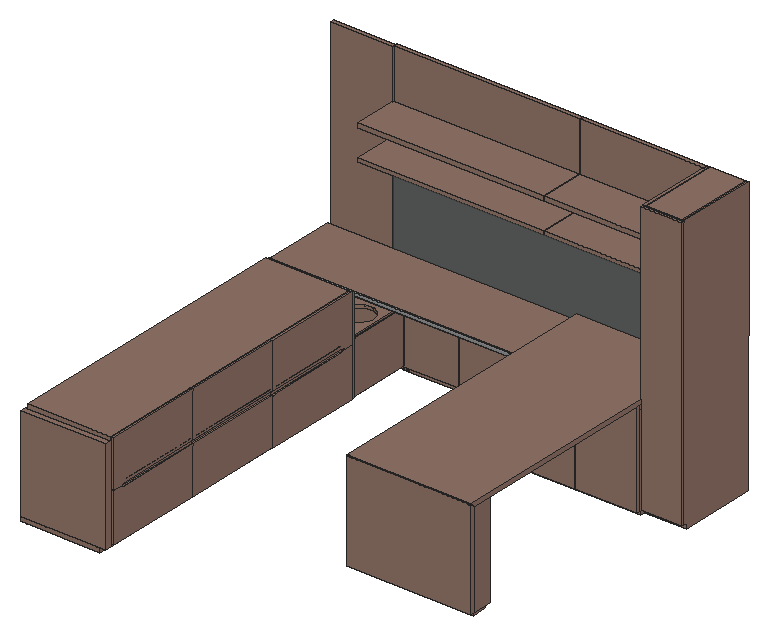
Revit family "T100042", category Furniture, Revit 2022
Family settings
  OmniClass Number = 23.40.20.00
  OmniClass Title = General Furniture and Specialties
  Work Plane-Based = No
  Always vertical = Yes
  Cut with Voids When Loaded = No
  Render Appearance Source = Family Geometry
  Shared = No
  Room Calculation Point = No
Parameters (values of type "T100347")
  URL = "https://ofs.com/"
  Model = "T100347"
  Manufacturer = "OFS"
  Description = "OFS TYPICAL T100347"
  Default Elevation = 0.00"
  Copyright © = "©OFS 2021"
  Catalog = "https://ofs.com/2020-experience"
  Authoring Version = "Autodesk Revit Architecture 2015"
  Assembly Code = "E2020400"
Reference planes (in)
  plane 1 "Center Front/Back": y = 0
  plane 2: z = 0
  plane 3 "Center Left/Right": x = 0
Dimensions and locks (in)
  aligned and locked: level to plane 2
Nested families (in)
  nested 1: "OFS_Slate Private Office_Credenzas" at (-90.03125, -88.04553, 0) x (0, 1, 0) z (0, 0, 1), type "90"W Overlay Lateral File"
    with Top OFS BRANDS Dark Wood, Panel OFS BRANDS Dark Wood, Glides OFS BRANDS Black Plastic, Drawers OFS BRANDS Dark Wood, Case OFS BRANDS Dark Wood, Base OFS BRANDS Dark Wood, Width 90.00", Type 4
  nested 2: "OFS_Slate Private Office_Storage_Cabinet_Wardrobe" at (17.90625, 25.94343, 0), type "24.75D Left - 12"W x 81"H"
    with Top OFS BRANDS Dark Wood, Right no, Left yes, Glides OFS BRANDS Black Plastic, Door OFS BRANDS Dark Wood, Case OFS BRANDS Dark Wood, Base OFS BRANDS Dark Wood, Height 81.00", Depth 24.00"
  nested 3: "OFS SLATE STORAGE MODULAR CABINET TOPS - Wire Drop Back" at (-6.03125, 1.95447, 0) x (-1, 0, 0) z (0, 0, 1), type "Workwall Modular Cabinet Top w Wire Drop on the Back 72W SG"
    with Top Cabinet OFS SLATE Dark Wood, Height from Floor 29.25"
  nested 4: "OFS SLATE OVERLAY HEIGHT ADJUSTABLE WORKTABLES Right - Workwall" at (5.96875, -17.29553, 0) x (0, -1, 0) z (0, 0, 1), type "WORKWALL OVERLAY HEIGHT ADJUSTABLE WORKTABLE 84W x 36D Right"
    with Glides OFS SLATE Black Plastic, Front Panel Finish OFS SLATE Dark Wood, Chasis OFS SLATE Dark Wood
  nested 5: "OFS SLATE WALLMOUNT PANEL GLASS 2H" at (-27.03125, 13.54822, 0), type "WALLMOUNT PANEL GLASS BOARD 2H 90""
    with Glass OFS SLATE Glass, Back Panel OFS SLATE Black Plastic
  nested 6: "OFS SLATE MODULAR ACCESS KNEESPACE SUPPORT CORNER CABINES Left" at (-65.34375, 30.79823, 0), type "MODULAR ACCESS KNEESPACE SUPPORT CORNER CABINET 72W Left"
    with Trash yes, Tech no, Surface OFS SLATE Dark Wood
  nested 7: "OFS SLATE WALLMOUNT OPEN SHELF ORGANIZER 1.5H" at (-0.03125, 13.95447, 0), type "WALLMOUNT OPEN SHELF ORGANIZER 1.5H 36""
    with Glides OFS SLATE Black Plastic, Front Panel Finish OFS SLATE Dark Wood, Chasis OFS SLATE Dark Wood
  nested 8: "OFS SLATE WALLMOUNT OPEN SHELF ORGANIZER 1.5H" at (-45.03125, 13.95447, 0), type "WALLMOUNT OPEN SHELF ORGANIZER 1.5H 54""
    with Glides OFS SLATE Black Plastic, Front Panel Finish OFS SLATE Dark Wood, Chasis OFS SLATE Dark Wood
  nested 9: "OFS SLATE WALLMOUNT PANEL VENEER 1.5H" at (-81.03125, 13.54822, 0), type "WALLMOUNT PANEL VENEER 3.5H 52""
    with Glides OFS SLATE Black Plastic, Front Panel Finish OFS SLATE Dark Wood, Chasis OFS SLATE Dark Wood, Width 18.00", Height 52.68"
Definition of nested family "OFS_Slate Private Office_Credenzas"
  Parameters (values of type "OFS_Slate Private Office_Credenzas")
    Width = 30.00"
    URL = "http://www.ofsbrands.com/"
    Type = 2
    Top [instance] = none
    Panel [instance] = none
    Model = "Type Catalog"
    Manufacturer = "OFS BRANDS"  # constant formula
    Glides [instance] = none
    Drawers [instance] = none
    Description = "Type Catalog"
    Default Elevation = 0.00"
    Copyright © = "© 2016 OFS BRANDS"  # constant formula
    Catalog = "OFS"  # constant formula
    Case [instance] = none
    Base [instance] = none
    Authoring Version = "Autodesk Revit Architecture 2014"  # constant formula
    Assembly Code = "E2020200"
  Reference planes (in)
    plane 1 "Center (Front/Back)": y = 0
    plane 2: z = 0
    plane 3 "Center (Left/Right)": x = 0
    plane 4: x = 30
    plane 5: y = -24.83728
    plane 6: x = 15
  Dimensions and locks (in)
    "Width": plane 3 "Center (Left/Right)" to plane 4
    equal spacing: plane 3 "Center (Left/Right)", plane 6, plane 4
    aligned and locked: level to plane 2
    aligned and locked: plane 6 to nested 1
    aligned and locked: nested 1 to plane 5
  Nested families (in)
    nested 1: "Tag" at (15, -24.83728, 0), type "Center", detail levels fine
      with Offset (LR) 0.00", Distance of Center (not Change) 0.12"
    nested 2: "OFS_Slate Private Office_Credenzas_Double Pedestal" at (0, 0, 0), Top <- "Top", Panel <- "Panel", Glides <- "Glides", Drawers <- "Drawers", Case <- "Case", Base <- "Base", Width <- "Width", Type <- "Type", type "OFS_Slate Private Office_Credenzas_Double Pedestal"
      with Width 1 60.00", Width 30.00", Type 2, Top none, Panel none, Glides none, Drawers none, Double Pedestal no, Case none, Base none
    nested 3: "OFS_Slate Private Office_Credenzas_Lateral File Cabinet" at (0, 0, 0), Top <- "Top", Glides <- "Glides", Drawers <- "Drawers", Case <- "Case", Base <- "Base", Width <- "Width", type "OFS_Slate Private Office_Credenzas_Lateral File Cabinet"
      with Width 1 66.00", Width 30.00", Top none, Length 28.755", Glides none, Drawers none, Case none, Base none, Type 2, Lateral File/Cabinet no
    nested 4: "OFS_Slate Private Office_Credenzas_Lateral File" at (0, 0, 0), Top <- "Top", Glides <- "Glides", Drawers <- "Drawers", Case <- "Case", Base <- "Base", Width <- "Width", type "OFS_Slate Private Office_Credenzas_Lateral File"
      with Width 30.00", Top none, Length 3 33.00", Length 2 22.692", Length 1 0.00", Glides none, Drawers none, Case none, Base none
    nested 5: "OFS_Slate Private Office_Credenzas_Overlay Lateral File Doors" at (0, 0, 0), Top <- "Top", Panel <- "Panel", Glides <- "Glides", Drawers <- "Drawers", Case <- "Case", Base <- "Base", Width <- "Width", type "OFS_Slate Private Office_Credenzas_Overlay Lateral File Doors"
      with Width 1 60.00", Width 30.00", Top none, Panel none, Length 2 17.875", Length 1 27.005", Lateral Drawers no, Glides none, Drawers none, Case none, Base none, 4 Drawers no, 2 Drawers no, Type 2, Overlay Lateral File no
    nested 6: "OFS_Slate Private Office_Credenzas_Overlay Lateral File" at (0, 0, 0), Top <- "Top", Panel <- "Panel", Glides <- "Glides", Drawers <- "Drawers", Case <- "Case", Base <- "Base", Width <- "Width", type "OFS_Slate Private Office_Credenzas_Overlay Lateral File"
      with Width 30.00", Top none, Panel none, Length 2 17.875", Length 1 27.005", Glides none, Drawers none, Case none, Base none, 6 Drawers no, 4 Drawers no, 2 Drawers no, Type 2, Overlay Lateral File no
  Definition of nested family "OFS_Slate Private Office_Credenzas_Lateral File"
    Parameters
      Width [instance] = 30.00"
      URL = "http://www.ofsbrands.com/"
      Type = 2
      Top [instance] = none
      Model = "Type Catalog"
      Manufacturer = "OFS BRANDS"  # constant formula
      Length 3 [instance] = if(or(and(Type = 2, Width = 60.00"), and(Type = 2, Width = 72.00")), (Width / 2 + 3.624"), Width + 3.00")  # 33.00"
      Length 2 [instance] = if(or(and(Type = 2, Width = 30.00"), and(Type = 2, Width = 60.00")), 22.692", 28.692")  # 22.692"
      Length 1 [instance] = if(and(Type = 2, Width < 60.00"), 0.00", Width / 2)  # 0.00"
      Lateral File = Type = 2  # yes
      Glides [instance] = none
      Drawers [instance] = none
      Description = "Type Catalog"
      Default Elevation = 0.00"
      Copyright © = "© 2016 OFS BRANDS"  # constant formula
      Catalog = "OFS"  # constant formula
      Case [instance] = none
      Base [instance] = none
      Authoring Version = "Autodesk Revit Architecture 2014"  # constant formula
      Assembly Code = "E2020200"
    Reference planes (in)
      plane 1 "Center (Front/Back)": y = 0
      plane 2: z = 0
      plane 3 "Center (Left/Right)": x = 0
      plane 4: x = 0
      plane 5: x = 29.25
      plane 6: x = 30
      plane 7: x = 0.75
      plane 8: y = -24
      plane 9: y = -24.83661
      plane 10: y = -23.125
      plane 11: x = 0.125
      plane 12: x = 29.875
      plane 13: z = 0.45
      plane 14: z = 29.2
      plane 15: y = -1.37544
      plane 16: y = -21.74956
      plane 17: y = -11.5625
      plane 18: x = 15
    Forms (in)
      Revolve 1, solid, material <- "Glides", visible <- "Lateral File"
        sketch origin (1.0178, -1.37544, 47.24409) x (-1, 0, 0) y (0, 0, 1)
          loop
            line (-0.3731, -46.79409) -> (-0.3731, -47.24409) -> (-0.1281, -47.24409)
            arc (-0.1281, -47.24409) -> (0, -47.13626) -> (-0.08442, -46.99165) r 0.13
            line (-0.08442, -46.99165) -> (-0.1231, -46.99165) -> (-0.1231, -46.79409) -> (-0.3731, -46.79409)
          axis (-0.3731, -46.79409) -> (-0.3731, -47.24409)
        angle from 0 to 360
      Revolve 2, solid, material <- "Glides", visible <- "Lateral File"
        sketch origin (70.9822, -1.37544, 47.24409) x (1, 0, 0) y (0, 0, -1)
          loop
            line (-42.3731, 46.79409) -> (-42.1231, 46.79409) -> (-42.1231, 46.99165) -> (-42.08442, 46.99165)
            arc (-42.08442, 46.99165) -> (-42, 47.13626) -> (-42.1281, 47.24409) r 0.13
            line (-42.1281, 47.24409) -> (-42.3731, 47.24409) -> (-42.3731, 46.79409)
          axis (-42.3731, 46.79409) -> (-42.3731, 47.24409)
        angle from 0 to 360
      Revolve 3, solid, material <- "Glides", visible <- "Lateral File"
        sketch origin (70.9822, -21.74956, 47.24409) x (1, 0, 0) y (0, 0, 1)
          loop
            line (-42.3731, -46.79409) -> (-42.3731, -47.24409) -> (-42.1281, -47.24409)
            arc (-42.1281, -47.24409) -> (-42, -47.13626) -> (-42.08442, -46.99165) r 0.13
            line (-42.08442, -46.99165) -> (-42.1231, -46.99165) -> (-42.1231, -46.79409) -> (-42.3731, -46.79409)
          axis (-42.3731, -46.79409) -> (-42.3731, -47.24409)
        angle from 0 to 360
      Revolve 4, solid, material <- "Glides", visible <- "Lateral File"
        sketch origin (1.0178, -21.74956, 47.24409) x (-1, 0, 0) y (0, 0, -1)
          loop
            line (-0.3731, 46.79409) -> (-0.1231, 46.79409) -> (-0.1231, 46.99165) -> (-0.08442, 46.99165)
            arc (-0.08442, 46.99165) -> (0, 47.13626) -> (-0.1281, 47.24409) r 0.13
            line (-0.1281, 47.24409) -> (-0.3731, 47.24409) -> (-0.3731, 46.79409)
          axis (-0.3731, 46.79409) -> (-0.3731, 47.24409)
        angle from 0 to 360
      Extrusion 5, solid, material <- "Case", visible <- "Lateral File"
        sketch origin (-60.07556, -60, 0.45) x (-1, 0, 0) y (0, -1, 0)
          loop
            line (-60.82556, -59.25) -> (-60.82556, -57.75) -> (-62.32556, -57.75) -> (-62.32556, -59.25) -> (-60.82556, -59.25)
          loop
            line (-60.82556, -39.125) -> (-60.82556, -37.625) -> (-62.32556, -37.625) -> (-62.32556, -39.125) -> (-60.82556, -39.125)
          loop
            line (-89.32556, -59.25) -> (-87.82556, -59.25) -> (-87.82556, -57.75) -> (-89.32556, -57.75) -> (-89.32556, -59.25)
          loop
            line (-89.32556, -39.125) -> (-87.82556, -39.125) -> (-87.82556, -37.625) -> (-89.32556, -37.625) -> (-89.32556, -39.125)
        from 0 to 1.25
      Extrusion 6, solid, material <- "Top", visible <- "Lateral File"
        sketch origin (0, 0, 0) x (0, 1, 0) y (0, 0, 1)
          loop
            line (0, 29.2) -> (-24, 29.2) -> (-24, 28.0125) -> (0, 28.0125) -> (0, 29.2)
        from 0 to 30
      Sweep 7, solid, material <- "Case", visible <- "Lateral File"
        path origin (-60.07556, -60, 0.45) x (-1, 0, 0) y (0, -1, 0)
          loop
            line (-90.07556, -60) -> (-90.07556, -36.875) -> (-60.07556, -36.875) -> (-60.07556, -60)
        profile origin (0, -11.5625, 0.45) x (-1, 0, 0) y (0, 0, 1)
          loop
            line (-0.75, 0) -> (0, 0) -> (0, 1.25) -> (-0.75, 1.25) -> (-0.75, 0)
      Extrusion 8, solid, material <- "Case", visible <- "Lateral File"
        sketch origin (0, 0, 0) x (0, 1, 0) y (0, 0, 1)
          loop
            line (0, 28.0125) -> (-0.75, 28.0125) -> (-0.75, 0.45) -> (0, 0.45) -> (0, 28.0125)
        from 0.75 to 29.25
      Extrusion 9, solid, material <- "Case", visible <- "Lateral File"
        sketch origin (0, 0, 0) x (1, 0, 0) y (0, 0, 1)
          loop
            line (0, 28.0125) -> (0, 1.7) -> (0.75, 1.7) -> (0.75, 28.0125) -> (0, 28.0125)
          loop
            line (29.25, 28.0125) -> (29.25, 1.7) -> (30, 1.7) -> (30, 28.0125) -> (29.25, 28.0125)
        from 0 to 24
      Extrusion 10, solid, material <- "Drawers", visible <- "Lateral File"
        sketch origin (0.125, -24.83661, 47.24409) x (0, -1, 0) y (0, 0, 1)
          loop
            line (-0.75, -18.10659) -> (-0.75, -31.76284) -> (0, -31.76284) -> (0, -18.10659) -> (-0.75, -18.10659)
          loop
            line (-0.75, -45.5441) -> (0, -45.5441) -> (0, -31.88784) -> (-0.75, -31.88784) -> (-0.75, -45.5441)
        from 0 to -29.75
      Extrusion 11, void
        sketch origin (-60.07556, -60, 0.45) x (0, -1, 0) y (-1, 0, 0)
          loop
            line (-35.91339, -60.01306) -> (-35.91339, -60.13806) -> (-35.16339, -60.13806) -> (-35.16339, -60.01306) -> (-35.91339, -60.01306)
        from 0 to -28.75
      Sweep 12, void
        path origin (-3.76383, -24.83661, 47.24409) x (-1, 0, 0) y (0, 0, 1)
          loop
            line (-7.41768, -31.01358) -> (-30.10968, -31.01358)
            arc (-30.10968, -31.01358) -> (-30.92144, -31.82534) -> (-30.10968, -32.63711) r 0.81176
            line (-30.10968, -32.63711) -> (-7.41768, -32.63711)
            arc (-7.41768, -32.63711) -> (-6.60591, -31.82534) -> (-7.41768, -31.01358) r 0.81176
        profile origin (14.99984, -24.83661, 16.23051) x (0, 0, -1) y (0, 1, 0)
          loop
            line (0.74926, 0) -> (0.74926, 0.59375) -> (0.23364, 0.59375)
            arc (0.23364, 0.59375) -> (-0.00045, 0.3792) -> (0.19294, 0.12735) r 0.23498
            arc (0.19294, 0.12735) -> (0.23332, 0.10405) -> (0.24927, 0.06025) r 0.06813
            line (0.24927, 0.06025) -> (0.24927, 0) -> (0.74926, 0)
      Sweep 13, void
        path origin (63.76383, -24.83661, 47.24409) x (1, 0, 0) y (0, 0, -1)
          loop
            arc (-8.07183, 31.01358) -> (-7.26007, 31.82534) -> (-8.07183, 32.63711) r 0.81176
            line (-8.07183, 32.63711) -> (-30.76383, 32.63711)
            arc (-30.76383, 32.63711) -> (-31.5756, 31.82534) -> (-30.76383, 31.01358) r 0.81176
            line (-30.76383, 31.01358) -> (-8.07183, 31.01358)
        profile origin (44.346, -24.83661, 16.23051) x (0, 0, 1) y (0, 1, 0)
          loop
            line (-0.74926, 0) -> (-0.24927, 0) -> (-0.24927, 0.06025)
            arc (-0.24927, 0.06025) -> (-0.23332, 0.10405) -> (-0.19294, 0.12735) r 0.06813
            arc (-0.19294, 0.12735) -> (0.00045, 0.3792) -> (-0.23364, 0.59375) r 0.23498
            line (-0.23364, 0.59375) -> (-0.74926, 0.59375) -> (-0.74926, 0)
      Extrusion 14, solid, material <- "Base", visible <- "Lateral File"
        sketch origin (-3.76383, -24.83661, 47.24409) x (-1, 0, 0) y (0, 0, 1)
          loop
            line (-4.51383, -44.79409) -> (-33.01383, -44.79409) -> (-33.01383, -45.54409) -> (-4.51383, -45.54409) -> (-4.51383, -44.79409)
        from 0.83661 to 24.08661
    Cuts and joins
      Extrusion 11, Sweep 12, Sweep 13 cuts Extrusion 10
      joined: Revolve 1, Revolve 2, Revolve 3, Revolve 4
    Lines and regions (in)
      Masking region 1, visible <- "Lateral File"
        outline origin (77.82463, -60, 29.2) x (0, -1, 0) y (1, 0, 0)
          loop
            line (-60, -77.82463) -> (-36, -77.82463) -> (-36, -47.82463) -> (-60, -47.82463) -> (-60, -77.82463)
    Dimensions and locks (in)
      "Width": plane 3 "Center (Left/Right)" to plane 6
      plane 3 "Center (Left/Right)" to plane 11 to plane 7 = 0.125" locked, 0.625" locked
      plane 5 to plane 12 to plane 6 = 0.625" locked, 0.125" locked
      "Length 1": plane 3 "Center (Left/Right)" to plane 4
      Extrusion 11 sketch curve to plane 4 to Extrusion 11 sketch curve = 0.0625" locked, 0.0625" locked
      equal spacing: plane 6, plane 18, plane 3 "Center (Left/Right)"
      locked: Sweep 12 sketch curve to plane 3 "Center (Left/Right)" at 3.65384
      "Length 2": Sweep 12 sketch curve to Sweep 12 sketch curve
      "Length 2": Sweep 13 sketch curve to Sweep 13 sketch curve
      "Length 3": Sweep 13 sketch curve to plane 3 "Center (Left/Right)"
      aligned and locked: level to plane 2
      aligned and locked: Extrusion 6 to plane 6
      aligned and locked: Sweep 7 sketch curve to Extrusion 6  (x2)
      aligned and locked: plane 10 to Sweep 7 sketch curve
      aligned and locked: plane 5 to Extrusion 8
      aligned and locked: plane 7 to Extrusion 8
      aligned and locked: Extrusion 10 to plane 12
      aligned and locked: Extrusion 11 to plane 14
      aligned and locked: Extrusion 14 sketch curve to plane 7
      aligned and locked: Extrusion 14 sketch curve to plane 5
      aligned and locked: Masking region 1 sketch curve to Extrusion 6  (x4)
    Automatic sketch dimensions
      Revolve 1 sketch curve to plane 13 = 0.00"
      Revolve 1 sketch curve to level = 0.00"  (x2)
      Revolve 1 sketch curve to plane 7 = 0.6409"
      Revolve 1 sketch curve to Revolve 1 sketch curve = 0.245"
      Revolve 1 sketch curve to Revolve 1 sketch curve = 0.005"
      Revolve 1 sketch curve to Revolve 1 sketch curve = 0.03868"
      level to Revolve 1 sketch curve = 0.13"
      Revolve 1 sketch curve to Revolve 1 sketch curve = 0.00"
      Revolve 1 sketch curve to level = 0.09316"
      Revolve 2 sketch curve to plane 13 = 0.00"
      Revolve 2 sketch curve to level = 0.00"  (x2)
      Revolve 2 sketch curve to plane 5 = 0.6409"
      Revolve 2 sketch curve to Revolve 2 sketch curve = 0.245"
      Revolve 2 sketch curve to Revolve 2 sketch curve = 0.005"
      Revolve 2 sketch curve to Revolve 2 sketch curve = 0.03868"
      Revolve 2 sketch curve to plane 13 = 0.19756"
      Revolve 2 sketch curve to Revolve 2 sketch curve = 0.00"
      Revolve 2 sketch curve to Revolve 2 sketch curve = 0.09316"
      Revolve 3 sketch curve to plane 13 = 0.00"
      Revolve 3 sketch curve to level = 0.00"  (x2)
      Revolve 3 sketch curve to plane 5 = 0.6409"
      Revolve 3 sketch curve to Revolve 3 sketch curve = 0.245"
      Revolve 3 sketch curve to Revolve 3 sketch curve = 0.005"
      Revolve 3 sketch curve to Revolve 3 sketch curve = 0.03868"
      level to Revolve 3 sketch curve = 0.13"
      Revolve 3 sketch curve to Revolve 3 sketch curve = 0.00"
      Revolve 3 sketch curve to Revolve 3 sketch curve = 0.09316"
      Revolve 4 sketch curve to plane 13 = 0.00"
      Revolve 4 sketch curve to level = 0.00"  (x2)
      Revolve 4 sketch curve to plane 7 = 0.6409"
      Revolve 4 sketch curve to Revolve 4 sketch curve = 0.245"
      Revolve 4 sketch curve to Revolve 4 sketch curve = 0.005"
      Revolve 4 sketch curve to Revolve 4 sketch curve = 0.03868"
      Revolve 4 sketch curve to Revolve 4 sketch curve = 0.19756"
      Revolve 4 sketch curve to Revolve 4 sketch curve = 0.00"
      Revolve 4 sketch curve to level = 0.09316"
      Extrusion 5 sketch curve to plane 5 = 0.00"  (x2)
      Extrusion 5 sketch curve to plane 7 = 0.00"  (x2)
      plane 15 to Extrusion 5 sketch curve = 0.62544"  (x2)
      Extrusion 5 sketch curve to Extrusion 5 sketch curve = 1.50"  (x2)
      Extrusion 5 sketch curve to plane 16 = 0.62544"  (x2)
      Extrusion 5 sketch curve to plane 7 = 1.50"  (x2)
      Extrusion 5 sketch curve to plane 15 = 0.87456"  (x2)
      plane 16 to Extrusion 5 sketch curve = 0.87456"  (x2)
      Extrusion 6 sketch curve to plane 8 = 0.00"
      Extrusion 6 sketch curve to plane 1 "Center (Front/Back)" = 0.00"
      plane 14 to Extrusion 6 sketch curve = 0.00"
      plane 14 to Extrusion 6 sketch curve = 1.1875"
      plane 1 "Center (Front/Back)" to Sweep 7 sketch curve = 0.00"  (x2)
      Sweep 7 sketch curve to plane 13 = 0.00"
      Sweep 7 sketch curve to profile plane = 0.00"
      profile plane to Sweep 7 sketch curve = 0.75"
      plane 13 to Sweep 7 sketch curve = 1.25"
      Extrusion 8 sketch curve to plane 13 = 0.00"
      Extrusion 8 sketch curve to plane 1 "Center (Front/Back)" = 0.00"
      plane 15 to Extrusion 8 sketch curve = 0.62544"
      plane 14 to Extrusion 8 sketch curve = 1.1875"
      Extrusion 9 sketch curve to plane 3 "Center (Left/Right)" = 0.00"
      plane 7 to Extrusion 9 sketch curve = 0.00"
      Extrusion 9 sketch curve to plane 5 = 0.00"
      plane 6 to Extrusion 9 sketch curve = 0.00"
      plane 13 to Extrusion 9 sketch curve = 1.25"  (x2)
      plane 14 to Extrusion 9 sketch curve = 1.1875"  (x2)
      Extrusion 10 sketch curve to plane 9 = 0.00"  (x2)
      Extrusion 10 sketch curve to plane 8 = 0.08661"  (x2)
      plane 13 to Extrusion 10 sketch curve = 1.25"
      Extrusion 10 sketch curve to Extrusion 10 sketch curve = 13.65625"
      Extrusion 10 sketch curve to Extrusion 10 sketch curve = 0.125"
      plane 14 to Extrusion 10 sketch curve = 0.0625"
      Extrusion 11 sketch curve to plane 9 = 0.00"
      Extrusion 11 sketch curve to plane 8 = 0.08661"
      Sweep 12 sketch curve to plane 9 = 0.00"
      plane 9 to Sweep 12 sketch curve = 0.06025"
      Sweep 12 sketch curve to profile plane = 0.18113"
      Sweep 12 sketch curve to profile plane = 0.23364"
      Sweep 12 sketch curve to Sweep 12 sketch curve = 0.06813"
      Sweep 12 sketch curve to Sweep 12 sketch curve = 0.51563"
      Sweep 12 sketch curve to Sweep 12 sketch curve = 0.29853"
      Sweep 12 sketch curve to Sweep 12 sketch curve = 0.23498"
      Sweep 13 sketch curve to plane 9 = 0.00"
      profile plane to Sweep 13 sketch curve = 0.74926"
      profile plane to Sweep 13 sketch curve = 0.24927"
      profile plane to Sweep 13 sketch curve = 0.23364"
      Sweep 13 sketch curve to Sweep 13 sketch curve = 0.06813"
      plane 9 to Sweep 13 sketch curve = 0.06025"
      Sweep 13 sketch curve to Sweep 13 sketch curve = 0.29853"
      Sweep 13 sketch curve to Sweep 13 sketch curve = 0.23498"
      plane 13 to Extrusion 14 sketch curve = 1.25"
      Extrusion 14 sketch curve to Extrusion 14 sketch curve = 0.75"
      plane 13 to Sweep 12 sketch curve = 14.15699"
      Sweep 12 sketch curve to Sweep 12 sketch curve = 0.81176"
      plane 14 to Sweep 13 sketch curve = 12.96949"
      Sweep 13 sketch curve to Sweep 13 sketch curve = 0.81176"
  Definition of nested family "Tag"
    Parameters
      P_Width = 0.00"
      Text_Width = "Empty"
      Text_Height = "Empty"
      Text_Diameter = "Empty"
      Text_Depth = "Empty"
      Offset (LR) [instance] = 0.00"
      Model Name = "Type Catalog"
      P_Height = 0.00"
      Distance of Center (not Change) = 0.10"
      P_Diameter = 0.00"
      P_Depth = 0.00"
    Reference planes (in)
      plane 1: y = 0
      plane 2: x = 0
    Lines and regions (in)
      reference lines
        curve 1: line (-0.44359, 0.1, 0) -> (0.41085, 0.1, 0)
        curve 3: line (0, 0.42564, 0) -> (0, -0.30221, 0)
      reference lines, not visible
        curve 2: line (-0.44359, 0.09843, 0) -> (0.41085, 0.09843, 0)
        curve 4: line (0, 0.42407, 0) -> (0, -0.30379, 0)
    Text (in)
      label "Empty" at (0.00197, 0.0921, 0), shows "Model Name"
      label "Empty" at (0.00197, 0.09052, 0), shows "Model Name", not visible
    Dimensions and locks (in)
      "Distance of Center (not Change)": plane 1 to curve 1
      "Offset (LR)": curve 3 to plane 2
    Automatic sketch dimensions
      curve 1 to curve 3 = 0.44359"
      curve 3 to curve 1 = 0.41085"
      curve 3 to curve 1 = 0.40221"
      curve 1 to curve 3 = 0.32564"
      curve 2 to curve 4 = 0.44359"
      curve 4 to curve 2 = 0.41085"
      curve 4 to curve 2 = 0.40221"
      curve 2 to curve 4 = 0.32564"
  Definition of nested family "OFS_Slate Private Office_Credenzas_Double Pedestal"
    Parameters
      Width 1 [instance] = if(Width < 60.00", 60.00", Width)  # 60.00"
      Width [instance] = 60.00"
      URL = "http://www.ofsbrands.com/"
      Type [instance] = 1
      Top [instance] = none
      Panel [instance] = none
      Model = "Type Catalog"
      Manufacturer = "OFS BRANDS"  # constant formula
      Glides [instance] = none
      Drawers [instance] = none
      Double Pedestal [instance] = Type = 1  # yes
      Description = "Type Catalog"
      Default Elevation = 0.00"
      Copyright © = "© 2016 OFS BRANDS"  # constant formula
      Catalog = "OFS"  # constant formula
      Case [instance] = none
      Base [instance] = none
      Authoring Version = "Autodesk Revit Architecture 2014"  # constant formula
      Assembly Code = "E2020200"
    Reference planes (in)
      plane 1 "Center (Front/Back)": y = 0
      plane 2: z = 0
      plane 3 "Center (Left/Right)": x = 0
      plane 4: z = 0.45
      plane 5: z = 1.7
      plane 6: z = 28.0125
      plane 7: z = 29.2
      plane 8: z = 2.45
      plane 9: x = 18
      plane 10: x = 30
      plane 11: x = 60
      plane 12: x = 42
      plane 13: y = -1.37544
      plane 14: y = -21.74956
      plane 15: y = -24
      plane 16: y = -24.83661
      plane 17: x = 0.75
      plane 18: x = 59.25
      plane 19: x = 17.25
      plane 20: x = 42.75
      plane 21: x = 18.75
      plane 22: x = 41.25
    Forms (in)
      Extrusion 1, solid, material <- "Top", visible <- "Double Pedestal"
        sketch origin (0, 0, 0) x (0, 1, 0) y (0, 0, 1)
          loop
            line (0, 29.2) -> (-24, 29.2) -> (-24, 28.0125) -> (0, 28.0125) -> (0, 29.2)
        from 0 to 60
      Sweep 2, solid, material <- "Case", visible <- "Double Pedestal"
        path origin (-60.07556, -60, 0.45) x (-1, 0, 0) y (0, -1, 0)
          loop
            line (-60.82556, -60) -> (-60.82556, -37.625) -> (-77.32556, -37.625) -> (-77.32556, -60)
        profile origin (9, -22.375, 0.45) x (0, 1, 0) y (0, 0, 1)
          loop
            line (-0.75, 0) -> (0, 0) -> (0, 1.25) -> (-0.75, 1.25) -> (-0.75, 0)
      Extrusion 3, solid, material <- "Case", visible <- "Double Pedestal"
        sketch origin (-3.76383, -24, 47.24409) x (-1, 0, 0) y (0, 0, 1)
          loop
            line (-3.76383, -19.2316) -> (-4.51383, -19.2316) -> (-4.51383, -45.5441) -> (-3.76383, -45.5441) -> (-3.76383, -19.2316)
          loop
            line (-21.01383, -19.2316) -> (-21.76383, -19.2316) -> (-21.76383, -45.5441) -> (-21.01383, -45.5441) -> (-21.01383, -19.2316)
          loop
            line (-63.76383, -19.2316) -> (-63.76383, -45.5441) -> (-63.01383, -45.5441) -> (-63.01383, -19.2316) -> (-63.76383, -19.2316)
          loop
            line (-46.51383, -19.2316) -> (-46.51383, -45.5441) -> (-45.76383, -45.5441) -> (-45.76383, -19.2316) -> (-46.51383, -19.2316)
        from 0 to 24
      Extrusion 4, solid, material <- "Case", visible <- "Double Pedestal"
        sketch origin (-60.07556, -60, 0.45) x (-1, 0, 0) y (0, -1, 0)
          loop
            line (-60.82556, -60) -> (-60.82556, -59.25) -> (-77.32556, -59.25) -> (-77.32556, -60) -> (-60.82556, -60)
          loop
            line (-119.32556, -59.25) -> (-119.32556, -60) -> (-102.82556, -60) -> (-102.82556, -59.25) -> (-119.32556, -59.25)
        from 0 to 27.5625
      Extrusion 5, solid, material <- "Case", visible <- "Double Pedestal"
        sketch origin (-60.07556, -60, 0.45) x (-1, 0, 0) y (0, -1, 0)
          loop
            line (-78.07556, -60) -> (-78.07556, -56.75) -> (-78.82556, -56.75) -> (-78.82556, -60) -> (-78.07556, -60)
          loop
            line (-101.32556, -60) -> (-101.32556, -56.75) -> (-102.07556, -56.75) -> (-102.07556, -60) -> (-101.32556, -60)
        from 0 to 27.5625
      Extrusion 6, solid, material <- "Panel", visible <- "Double Pedestal"
        sketch origin (-60.07556, -60, 0.45) x (-1, 0, 0) y (0, -1, 0)
          loop
            line (-78.07556, -56.75) -> (-78.07556, -56) -> (-102.07556, -56) -> (-102.07556, -56.75) -> (-78.07556, -56.75)
        from 0 to 14
      Extrusion 7, solid, material <- "Panel", visible <- "Double Pedestal"
        sketch origin (-60.07556, -60, 0.45) x (-1, 0, 0) y (0, -1, 0)
          loop
            line (-78.20056, -56.75) -> (-78.20056, -56) -> (-101.95056, -56) -> (-101.95056, -56.75) -> (-78.20056, -56.75)
        from 14.125 to 26.8125
      Extrusion 8, solid, material <- "Drawers", visible <- "Double Pedestal"
        sketch origin (63.21186, -24.83661, 47.24409) x (1, 0, 0) y (0, 0, 1)
          loop
            line (-63.08686, -18.10659) -> (-63.08686, -31.76284) -> (-45.21186, -31.76284) -> (-45.21186, -18.10659) -> (-63.08686, -18.10659)
          loop
            line (-45.21186, -31.88784) -> (-63.08686, -31.88784) -> (-63.08686, -45.5441) -> (-45.21186, -45.5441) -> (-45.21186, -31.88784)
          loop
            line (-3.33686, -18.10659) -> (-21.21186, -18.10659) -> (-21.21186, -31.76284) -> (-3.33686, -31.76284) -> (-3.33686, -18.10659)
          loop
            line (-21.21186, -31.88784) -> (-21.21186, -45.5441) -> (-3.33686, -45.5441) -> (-3.33686, -31.88784) -> (-21.21186, -31.88784)
        from 0 to -0.75
      Sweep 9, void
        path origin (63.21186, -24.83661, 47.24409) x (1, 0, 0) y (0, 0, 1)
          loop
            arc (-59.52677, -31.01358) -> (-60.33854, -31.82534) -> (-59.52677, -32.63711) r 0.81176
            line (-59.52677, -32.63711) -> (-48.77196, -32.63711)
            arc (-48.77196, -32.63711) -> (-47.96019, -31.82534) -> (-48.77196, -31.01358) r 0.81176
            line (-48.77196, -31.01358) -> (-59.52677, -31.01358)
        profile origin (9.0625, -24.83661, 16.23051) x (0, 0, 1) y (0, -1, 0)
          loop
            line (-0.74926, 0) -> (-0.74926, -0.59375) -> (-0.23364, -0.59375)
            arc (-0.23364, -0.59375) -> (0.00064, -0.37682) -> (-0.19766, -0.12657) r 0.23498
            arc (-0.19766, -0.12657) -> (-0.2346, -0.106) -> (-0.24927, -0.06635) r 0.06093
            line (-0.24927, -0.06635) -> (-0.24927, 0) -> (-0.74926, 0)
      Sweep 10, void
        path origin (-3.21186, -24.83661, 47.24409) x (-1, 0, 0) y (0, 0, -1)
          loop
            line (-59.52677, 31.01358) -> (-48.77196, 31.01358)
            arc (-48.77196, 31.01358) -> (-47.96019, 31.82534) -> (-48.77196, 32.63711) r 0.81176
            line (-48.77196, 32.63711) -> (-59.52677, 32.63711)
            arc (-59.52677, 32.63711) -> (-60.33854, 31.82534) -> (-59.52677, 31.01358) r 0.81176
        profile origin (50.9375, -24.83661, 16.23051) x (0, 0, -1) y (0, -1, 0)
          loop
            line (0.74926, 0) -> (0.24927, 0) -> (0.24927, -0.06635)
            arc (0.24927, -0.06635) -> (0.2346, -0.106) -> (0.19766, -0.12657) r 0.06093
            arc (0.19766, -0.12657) -> (-0.00064, -0.37682) -> (0.23364, -0.59375) r 0.23498
            line (0.23364, -0.59375) -> (0.74926, -0.59375) -> (0.74926, 0)
      Extrusion 11, solid, material <- "Base", visible <- "Double Pedestal"
        sketch origin (0, 0, 0) x (1, 0, 0) y (0, 0, 1)
          loop
            line (0.75, 2.45) -> (0.75, 1.7) -> (17.25, 1.7) -> (17.25, 2.45) -> (0.75, 2.45)
          loop
            line (42.75, 2.45) -> (42.75, 1.7) -> (59.25, 1.7) -> (59.25, 2.45) -> (42.75, 2.45)
        from 0.75 to 24
      Sweep 12, solid, material <- "Case", visible <- "Double Pedestal"
        path origin (120.07556, -60, 0.45) x (1, 0, 0) y (0, 1, 0)
          loop
            line (-60.82556, 60) -> (-60.82556, 37.625) -> (-77.32556, 37.625) -> (-77.32556, 60)
        profile origin (51, -22.375, 0.45) x (0, -1, 0) y (0, 0, 1)
          loop
            line (0.75, 0) -> (0.75, 1.25) -> (0, 1.25) -> (0, 0) -> (0.75, 0)
      Extrusion 13, solid, material <- "Case", visible <- "Double Pedestal"
        sketch origin (-60.07556, -60, 0.45) x (-1, 0, 0) y (0, -1, 0)
          loop
            line (-60.82556, -59.25) -> (-60.82556, -57.75) -> (-62.32556, -57.75) -> (-62.32556, -59.25) -> (-60.82556, -59.25)
          loop
            line (-75.82556, -59.25) -> (-75.82556, -57.75) -> (-77.32556, -57.75) -> (-77.32556, -59.25) -> (-75.82556, -59.25)
          loop
            line (-62.32556, -39.125) -> (-60.82556, -39.125) -> (-60.82556, -37.625) -> (-62.32556, -37.625) -> (-62.32556, -39.125)
          loop
            line (-75.82556, -39.125) -> (-75.82556, -37.625) -> (-77.32556, -37.625) -> (-77.32556, -39.125) -> (-75.82556, -39.125)
          loop
            line (-119.32556, -59.25) -> (-117.82556, -59.25) -> (-117.82556, -57.75) -> (-119.32556, -57.75) -> (-119.32556, -59.25)
          loop
            line (-104.32556, -59.25) -> (-102.82556, -59.25) -> (-102.82556, -57.75) -> (-104.32556, -57.75) -> (-104.32556, -59.25)
          loop
            line (-117.82556, -39.125) -> (-117.82556, -37.625) -> (-119.32556, -37.625) -> (-119.32556, -39.125) -> (-117.82556, -39.125)
          loop
            line (-104.32556, -39.125) -> (-102.82556, -39.125) -> (-102.82556, -37.625) -> (-104.32556, -37.625) -> (-104.32556, -39.125)
        from 0 to 1.25
      Revolve 14, solid, material <- "Glides", visible <- "Double Pedestal"
        sketch origin (-3.76383, -1.37544, 47.24409) x (-1, 0, 0) y (0, 0, 1)
          loop
            line (-5.15473, -46.79409) -> (-5.15473, -47.24409) -> (-4.90473, -47.24409)
            arc (-4.90473, -47.24409) -> (-4.78439, -47.13335) -> (-4.86606, -46.99165) r 0.13088
            line (-4.86606, -46.99165) -> (-4.90473, -46.99165) -> (-4.90473, -46.79409) -> (-5.15473, -46.79409)
          axis (-5.15473, -46.79409) -> (-5.15473, -47.24409)
        angle from 0 to 360
      Revolve 15, solid, material <- "Glides", visible <- "Double Pedestal"
        sketch origin (21.76383, -1.37544, 47.24409) x (1, 0, 0) y (0, 0, -1)
          loop
            line (-5.15473, 46.79409) -> (-4.90473, 46.79409) -> (-4.90473, 46.99165) -> (-4.86606, 46.99165)
            arc (-4.86606, 46.99165) -> (-4.78439, 47.13335) -> (-4.90473, 47.24409) r 0.13088
            line (-4.90473, 47.24409) -> (-5.15473, 47.24409) -> (-5.15473, 46.79409)
          axis (-5.15473, 46.79409) -> (-5.15473, 47.24409)
        angle from 0 to 360
      Revolve 16, solid, material <- "Glides", visible <- "Double Pedestal"
        sketch origin (63.21186, -21.74956, 47.24409) x (1, 0, 0) y (0, 0, 1)
          loop
            line (-61.82096, -46.79409) -> (-62.07096, -46.79409) -> (-62.07096, -46.99165) -> (-62.10964, -46.99165)
            arc (-62.10964, -46.99165) -> (-62.19131, -47.13335) -> (-62.07096, -47.24409) r 0.13088
            line (-62.07096, -47.24409) -> (-61.82096, -47.24409) -> (-61.82096, -46.79409)
          axis (-61.82096, -46.79409) -> (-61.82096, -47.24409)
        angle from 0 to 360
      Revolve 17, solid, material <- "Glides", visible <- "Double Pedestal"
        sketch origin (63.21186, -21.74956, 47.24409) x (1, 0, 0) y (0, 0, 1)
          loop
            line (-46.60277, -46.79409) -> (-46.60277, -47.24409) -> (-46.35277, -47.24409)
            arc (-46.35277, -47.24409) -> (-46.23242, -47.13335) -> (-46.31409, -46.99165) r 0.13088
            line (-46.31409, -46.99165) -> (-46.35277, -46.99165) -> (-46.35277, -46.79409) -> (-46.60277, -46.79409)
          axis (-46.60277, -46.79409) -> (-46.60277, -47.24409)
        angle from 0 to 360
      Revolve 18, solid, material <- "Glides", visible <- "Double Pedestal"
        sketch origin (63.76383, -1.37544, 47.24409) x (1, 0, 0) y (0, 0, -1)
          loop
            line (-5.15473, 46.79409) -> (-4.90473, 46.79409) -> (-4.90473, 46.99165) -> (-4.86606, 46.99165)
            arc (-4.86606, 46.99165) -> (-4.78439, 47.13335) -> (-4.90473, 47.24409) r 0.13088
            line (-4.90473, 47.24409) -> (-5.15473, 47.24409) -> (-5.15473, 46.79409)
          axis (-5.15473, 46.79409) -> (-5.15473, 47.24409)
        angle from 0 to 360
      Revolve 19, solid, material <- "Glides", visible <- "Double Pedestal"
        sketch origin (38.23617, -1.37544, 47.24409) x (-1, 0, 0) y (0, 0, 1)
          loop
            line (-5.15473, -46.79409) -> (-5.15473, -47.24409) -> (-4.90473, -47.24409)
            arc (-4.90473, -47.24409) -> (-4.78439, -47.13335) -> (-4.86606, -46.99165) r 0.13088
            line (-4.86606, -46.99165) -> (-4.90473, -46.99165) -> (-4.90473, -46.79409) -> (-5.15473, -46.79409)
          axis (-5.15473, -46.79409) -> (-5.15473, -47.24409)
        angle from 0 to 360
      Revolve 20, solid, material <- "Glides", visible <- "Double Pedestal"
        sketch origin (-3.21186, -21.74956, 47.24409) x (-1, 0, 0) y (0, 0, -1)
          loop
            line (-61.82096, 46.79409) -> (-61.82096, 47.24409) -> (-62.07096, 47.24409)
            arc (-62.07096, 47.24409) -> (-62.19131, 47.13335) -> (-62.10964, 46.99165) r 0.13088
            line (-62.10964, 46.99165) -> (-62.07096, 46.99165) -> (-62.07096, 46.79409) -> (-61.82096, 46.79409)
          axis (-61.82096, 46.79409) -> (-61.82096, 47.24409)
        angle from 0 to 360
      Revolve 21, solid, material <- "Glides", visible <- "Double Pedestal"
        sketch origin (-3.21186, -21.74956, 47.24409) x (-1, 0, 0) y (0, 0, -1)
          loop
            line (-46.60277, 46.79409) -> (-46.35277, 46.79409) -> (-46.35277, 46.99165) -> (-46.31409, 46.99165)
            arc (-46.31409, 46.99165) -> (-46.23242, 47.13335) -> (-46.35277, 47.24409) r 0.13088
            line (-46.35277, 47.24409) -> (-46.60277, 47.24409) -> (-46.60277, 46.79409)
          axis (-46.60277, 46.79409) -> (-46.60277, 47.24409)
        angle from 0 to 360
    Cuts and joins
      Sweep 9, Sweep 10 cuts Extrusion 8
      joined: Sweep 2, Extrusion 3, Extrusion 13
      joined: Revolve 14, Revolve 15, Revolve 16, Revolve 17, Revolve 18, Revolve 19, Revolve 20, Revolve 21
    Lines and regions (in)
      Masking region 1, visible <- "Double Pedestal"
        outline origin (-60.07556, -60, 29.2) x (-1, 0, 0) y (0, -1, 0)
          loop
            line (-60.07556, -60) -> (-60.07556, -35.16339) -> (-120.07556, -35.16339) -> (-120.07556, -60) -> (-60.07556, -60)
    Dimensions and locks (in)
      "Width 1": plane 3 "Center (Left/Right)" to plane 11
      plane 3 "Center (Left/Right)" to plane 17 to plane 19 to plane 9 to plane 21 = 0.75" locked, 16.50" locked, 0.75" locked, 0.75" locked
      plane 22 to plane 12 to plane 20 to plane 18 to plane 11 = 0.75" locked, 0.75" locked, 16.50" locked, 0.75" locked
      equal spacing: plane 3 "Center (Left/Right)", plane 10, plane 11
      Sweep 9 sketch curve to Sweep 9 sketch curve to plane 3 "Center (Left/Right)" = 10.75482" locked, 3.68509" locked
      Sweep 10 sketch curve to Sweep 10 sketch curve to plane 11 = 10.75482" locked, 3.68509" locked
      aligned and locked: level to plane 2
      aligned and locked: plane 11 to Extrusion 1
      aligned and locked: Extrusion 3 sketch curve to Extrusion 1  (x2)
      aligned and locked: Extrusion 3 sketch curve to Sweep 2  (x2)
      aligned and locked: Extrusion 3 sketch curve to plane 6
      aligned and locked: Extrusion 3 sketch curve to plane 19
      aligned and locked: Extrusion 4 sketch curve to plane 19
      aligned and locked: plane 20 to Extrusion 4 sketch curve
      aligned and locked: plane 18 to Extrusion 4 sketch curve
      aligned and locked: plane 17 to Extrusion 4 sketch curve
      aligned and locked: Sweep 2 to Extrusion 5 sketch curve
      aligned and locked: plane 21 to Extrusion 5 sketch curve
      aligned and locked: plane 1 "Center (Front/Back)" to Extrusion 5 sketch curve
      aligned and locked: plane 22 to Extrusion 5 sketch curve
      aligned and locked: plane 12 to Extrusion 5 sketch curve
      aligned and locked: Sweep 12 sketch curve to plane 20
      aligned and locked: plane 18 to Sweep 12 sketch curve
      aligned and locked: plane 19 to Sweep 2 sketch curve
      aligned and locked: Sweep 2 sketch curve to plane 17
      aligned and locked: Masking region 1 sketch curve to Extrusion 1  (x2)
      aligned and locked: Masking region 1 sketch curve to cut or joined group of Extrusion 8, Sweep 9, Sweep 10
      aligned and locked: Masking region 1 sketch curve to plane 11
    Automatic sketch dimensions
      Extrusion 1 sketch curve to plane 7 = 0.00"
      Extrusion 1 sketch curve to plane 15 = 0.00"
      Extrusion 1 sketch curve to plane 1 "Center (Front/Back)" = 0.00"
      plane 6 to Extrusion 1 sketch curve = 0.00"
      plane 1 "Center (Front/Back)" to Sweep 2 sketch curve = 0.00"  (x2)
      plane 14 to Sweep 2 sketch curve = 0.62544"
      Sweep 2 sketch curve to plane 4 = 0.00"
      Sweep 2 sketch curve to profile plane = 0.00"
      profile plane to Sweep 2 sketch curve = 0.75"
      plane 4 to Sweep 2 sketch curve = 1.25"
      Extrusion 3 sketch curve to plane 5 = 0.00"  (x4)
      Extrusion 3 sketch curve to plane 11 = 0.00"
      plane 18 to Extrusion 3 sketch curve = 0.00"
      plane 20 to Extrusion 3 sketch curve = 0.00"
      Extrusion 3 sketch curve to plane 6 = 0.00"  (x2)
      Extrusion 3 sketch curve to plane 12 = 0.00"
      plane 1 "Center (Front/Back)" to Extrusion 4 sketch curve = 0.00"  (x2)
      plane 13 to Extrusion 4 sketch curve = 0.62544"  (x2)
      plane 1 "Center (Front/Back)" to Extrusion 5 sketch curve = 0.00"
      Extrusion 5 sketch curve to plane 13 = 1.87456"  (x2)
      Extrusion 6 sketch curve to plane 12 = 0.00"
      Extrusion 6 sketch curve to plane 9 = 0.00"
      Extrusion 6 sketch curve to plane 13 = 1.87456"
      Extrusion 6 sketch curve to Extrusion 6 sketch curve = 0.75"
      plane 12 to Extrusion 7 sketch curve = 0.125"
      plane 9 to Extrusion 7 sketch curve = 0.125"
      Extrusion 7 sketch curve to plane 13 = 1.87456"
      Extrusion 7 sketch curve to Extrusion 7 sketch curve = 0.75"
      Extrusion 8 sketch curve to plane 5 = 0.00"  (x2)
      Extrusion 8 sketch curve to plane 9 = 0.00"  (x2)
      plane 3 "Center (Left/Right)" to Extrusion 8 sketch curve = 0.125"
      Extrusion 8 sketch curve to Extrusion 8 sketch curve = 0.00"  (x2)
      Extrusion 8 sketch curve to plane 12 = 0.00"  (x2)
      Extrusion 8 sketch curve to plane 11 = 0.125"
      plane 6 to Extrusion 8 sketch curve = 12.65625"  (x2)
      Extrusion 8 sketch curve to Extrusion 8 sketch curve = 0.125"  (x2)
      Extrusion 8 sketch curve to plane 7 = 0.0625"  (x2)
      Sweep 9 sketch curve to plane 8 = 12.15699"
      Sweep 9 sketch curve to Sweep 9 sketch curve = 0.81176"
      Sweep 9 sketch curve to plane 16 = 0.00"
      profile plane to Sweep 9 sketch curve = 0.74926"
      Sweep 9 sketch curve to plane 16 = 0.06635"
      profile plane to Sweep 9 sketch curve = 0.24927"
      profile plane to Sweep 9 sketch curve = 0.23364"
      Sweep 9 sketch curve to Sweep 9 sketch curve = 0.06093"
      Sweep 9 sketch curve to Sweep 9 sketch curve = 0.29242"
      Sweep 9 sketch curve to Sweep 9 sketch curve = 0.23498"
      plane 6 to Sweep 10 sketch curve = 11.78198"
      Sweep 10 sketch curve to Sweep 10 sketch curve = 0.81176"
      Sweep 10 sketch curve to plane 16 = 0.00"
      Sweep 10 sketch curve to plane 16 = 0.06635"
      Sweep 10 sketch curve to profile plane = 0.18833"
      Sweep 10 sketch curve to profile plane = 0.23364"
      Sweep 10 sketch curve to Sweep 10 sketch curve = 0.06093"
      Sweep 10 sketch curve to Sweep 10 sketch curve = 0.51563"
      Sweep 10 sketch curve to Sweep 10 sketch curve = 0.29242"
      Sweep 10 sketch curve to Sweep 10 sketch curve = 0.23498"
      Extrusion 11 sketch curve to plane 5 = 0.00"  (x2)
      Extrusion 11 sketch curve to plane 17 = 0.00"
      Extrusion 11 sketch curve to plane 19 = 0.00"
      Extrusion 11 sketch curve to plane 8 = 0.00"  (x2)
      plane 20 to Extrusion 11 sketch curve = 0.00"
      plane 18 to Extrusion 11 sketch curve = 0.00"
      plane 1 "Center (Front/Back)" to Sweep 12 sketch curve = 0.00"  (x2)
      plane 14 to Sweep 12 sketch curve = 0.62544"
      Sweep 12 sketch curve to plane 4 = 0.00"
      Sweep 12 sketch curve to profile plane = 0.00"
      Sweep 12 sketch curve to profile plane = 0.75"
      Sweep 12 sketch curve to Sweep 12 sketch curve = 1.25"
      Extrusion 13 sketch curve to plane 18 = 0.00"  (x2)
      Extrusion 13 sketch curve to plane 20 = 0.00"  (x2)
      Extrusion 13 sketch curve to plane 19 = 0.00"  (x2)
      Extrusion 13 sketch curve to plane 17 = 0.00"  (x2)
      plane 13 to Extrusion 13 sketch curve = 0.62544"  (x4)
      Extrusion 13 sketch curve to Extrusion 13 sketch curve = 1.50"  (x5)
      plane 14 to Extrusion 13 sketch curve = 0.62544"  (x4)
      Extrusion 13 sketch curve to plane 20 = 1.50"
      plane 17 to Extrusion 13 sketch curve = 1.50"  (x2)
      Extrusion 13 sketch curve to plane 13 = 0.87456"  (x4)
      Extrusion 13 sketch curve to plane 14 = 0.87456"  (x4)
      Revolve 14 sketch curve to plane 4 = 0.00"
      Revolve 14 sketch curve to level = 0.00"  (x2)
      plane 17 to Revolve 14 sketch curve = 0.6409"
      Revolve 14 sketch curve to Revolve 14 sketch curve = 0.24097"
      Revolve 14 sketch curve to Revolve 14 sketch curve = 0.00903"  (x2)
      Revolve 14 sketch curve to Revolve 14 sketch curve = 0.03868"
      level to Revolve 14 sketch curve = 0.13057"
      Revolve 14 sketch curve to Revolve 14 sketch curve = 0.00"
      Revolve 14 sketch curve to level = 0.10773"
      Revolve 15 sketch curve to plane 4 = 0.00"
      Revolve 15 sketch curve to level = 0.00"  (x2)
      Revolve 15 sketch curve to plane 19 = 0.6409"
      Revolve 15 sketch curve to Revolve 15 sketch curve = 0.24097"
      Revolve 15 sketch curve to Revolve 15 sketch curve = 0.00903"  (x2)
      Revolve 15 sketch curve to Revolve 15 sketch curve = 0.03868"
      Revolve 15 sketch curve to Revolve 15 sketch curve = 0.19756"
      Revolve 15 sketch curve to Revolve 15 sketch curve = 0.00"
      Revolve 15 sketch curve to level = 0.10773"
      Revolve 16 sketch curve to plane 4 = 0.00"
      Revolve 16 sketch curve to level = 0.00"  (x2)
      plane 17 to Revolve 16 sketch curve = 0.35223"
      Revolve 16 sketch curve to Revolve 16 sketch curve = 0.03868"
      Revolve 16 sketch curve to Revolve 16 sketch curve = 0.00"  (x2)
      Revolve 16 sketch curve to Revolve 16 sketch curve = 0.00903"
      Revolve 16 sketch curve to Revolve 16 sketch curve = 0.25"
      level to Revolve 16 sketch curve = 0.13057"
      Revolve 16 sketch curve to level = 0.10773"
      Revolve 17 sketch curve to plane 4 = 0.00"
      Revolve 17 sketch curve to level = 0.00"  (x2)
      Revolve 17 sketch curve to plane 19 = 0.6409"
      Revolve 17 sketch curve to Revolve 17 sketch curve = 0.24097"
      Revolve 17 sketch curve to Revolve 17 sketch curve = 0.00903"  (x2)
      Revolve 17 sketch curve to Revolve 17 sketch curve = 0.03868"
      level to Revolve 17 sketch curve = 0.13057"
      Revolve 17 sketch curve to Revolve 17 sketch curve = 0.00"
      Revolve 17 sketch curve to level = 0.10773"
      Revolve 18 sketch curve to plane 4 = 0.00"
      Revolve 18 sketch curve to level = 0.00"  (x2)
      plane 18 to Revolve 18 sketch curve = 0.6409"
      Revolve 18 sketch curve to Revolve 18 sketch curve = 0.24097"
      Revolve 18 sketch curve to Revolve 18 sketch curve = 0.00903"  (x2)
      Revolve 18 sketch curve to Revolve 18 sketch curve = 0.03868"
      Revolve 18 sketch curve to Revolve 18 sketch curve = 0.19756"
      Revolve 18 sketch curve to Revolve 18 sketch curve = 0.00"
      Revolve 18 sketch curve to level = 0.10773"
      Revolve 19 sketch curve to plane 4 = 0.00"
      Revolve 19 sketch curve to level = 0.00"  (x2)
      Revolve 19 sketch curve to plane 20 = 0.6409"
      Revolve 19 sketch curve to Revolve 19 sketch curve = 0.24097"
      Revolve 19 sketch curve to Revolve 19 sketch curve = 0.00903"  (x2)
      Revolve 19 sketch curve to Revolve 19 sketch curve = 0.03868"
      level to Revolve 19 sketch curve = 0.13057"
      Revolve 19 sketch curve to Revolve 19 sketch curve = 0.00"
      Revolve 19 sketch curve to level = 0.10773"
      Revolve 20 sketch curve to plane 4 = 0.00"
      Revolve 20 sketch curve to level = 0.00"  (x2)
      plane 18 to Revolve 20 sketch curve = 0.35223"
      Revolve 20 sketch curve to Revolve 20 sketch curve = 0.03868"
      Revolve 20 sketch curve to Revolve 20 sketch curve = 0.00"  (x2)
      Revolve 20 sketch curve to Revolve 20 sketch curve = 0.00903"
      Revolve 20 sketch curve to Revolve 20 sketch curve = 0.25"
      Revolve 20 sketch curve to Revolve 20 sketch curve = 0.19756"
      Revolve 20 sketch curve to level = 0.10773"
      Revolve 21 sketch curve to plane 4 = 0.00"
      Revolve 21 sketch curve to level = 0.00"  (x2)
      Revolve 21 sketch curve to plane 20 = 0.6409"
      Revolve 21 sketch curve to Revolve 21 sketch curve = 0.24097"
      Revolve 21 sketch curve to Revolve 21 sketch curve = 0.00903"  (x2)
      Revolve 21 sketch curve to Revolve 21 sketch curve = 0.03868"
      Revolve 21 sketch curve to Revolve 21 sketch curve = 0.19756"
      Revolve 21 sketch curve to Revolve 21 sketch curve = 0.00"
      Revolve 21 sketch curve to level = 0.10773"
  Definition of nested family "OFS_Slate Private Office_Credenzas_Lateral File Cabinet"
    Parameters
      Width 1 [instance] = if(Width < 66.00", 66.00", Width)  # 66.00"
      Width [instance] = 66.00"
      URL = "http://www.ofsbrands.com/"
      Type = 3
      Top [instance] = none
      Model = "Type Catalog"
      Manufacturer = "OFS BRANDS"  # constant formula
      Length [instance] = if(and(Type = 3, Width = 66.00"), 22.755", 28.755")  # 22.755"
      Lateral File/Cabinet = Type = 3  # yes
      Glides [instance] = none
      Drawers [instance] = none
      Description = "Type Catalog"
      Default Elevation = 0.00"
      Copyright © = "© 2016 OFS BRANDS"  # constant formula
      Catalog = "OFS"  # constant formula
      Case [instance] = none
      Base [instance] = none
      Authoring Version = "Autodesk Revit Architecture 2014"  # constant formula
      Assembly Code = "E2020200"
    Reference planes (in)
      plane 1 "Center (Front/Back)": y = 0
      plane 2: z = 0
      plane 3 "Center (Left/Right)": x = 0
      plane 4: x = 65.25
      plane 5: x = 66
      plane 6: x = 0.75
      plane 7: y = -24
      plane 8: y = -24.83661
      plane 9: y = -23.125
      plane 10: x = 0.125
      plane 11: x = 65.875
      plane 12: z = 0.45
      plane 13: z = 29.2
      plane 14: y = -1.37544
      plane 15: y = -21.74956
      plane 16: y = -11.5625
      plane 17: x = 33
      plane 18: x = 18
      plane 19: x = 48
    Forms (in)
      Revolve 1, solid, material <- "Glides", visible <- "Lateral File/Cabinet"
        sketch origin (1.0178, -1.37544, 47.24409) x (-1, 0, 0) y (0, 0, 1)
          loop
            line (-0.3731, -46.79409) -> (-0.3731, -47.24409) -> (-0.1281, -47.24409)
            arc (-0.1281, -47.24409) -> (0, -47.13626) -> (-0.08442, -46.99165) r 0.13
            line (-0.08442, -46.99165) -> (-0.1231, -46.99165) -> (-0.1231, -46.79409) -> (-0.3731, -46.79409)
          axis (-0.3731, -46.79409) -> (-0.3731, -47.24409)
        angle from 0 to 360
      Revolve 2, solid, material <- "Glides", visible <- "Lateral File/Cabinet"
        sketch origin (70.9822, -1.37544, 47.24409) x (1, 0, 0) y (0, 0, -1)
          loop
            line (-6.3731, 46.79409) -> (-6.1231, 46.79409) -> (-6.1231, 46.99165) -> (-6.08442, 46.99165)
            arc (-6.08442, 46.99165) -> (-6, 47.13626) -> (-6.1281, 47.24409) r 0.13
            line (-6.1281, 47.24409) -> (-6.3731, 47.24409) -> (-6.3731, 46.79409)
          axis (-6.3731, 46.79409) -> (-6.3731, 47.24409)
        angle from 0 to 360
      Revolve 3, solid, material <- "Glides", visible <- "Lateral File/Cabinet"
        sketch origin (70.9822, -21.74956, 47.24409) x (1, 0, 0) y (0, 0, 1)
          loop
            line (-6.3731, -46.79409) -> (-6.3731, -47.24409) -> (-6.1281, -47.24409)
            arc (-6.1281, -47.24409) -> (-6, -47.13626) -> (-6.08442, -46.99165) r 0.13
            line (-6.08442, -46.99165) -> (-6.1231, -46.99165) -> (-6.1231, -46.79409) -> (-6.3731, -46.79409)
          axis (-6.3731, -46.79409) -> (-6.3731, -47.24409)
        angle from 0 to 360
      Revolve 4, solid, material <- "Glides", visible <- "Lateral File/Cabinet"
        sketch origin (1.0178, -21.74956, 47.24409) x (-1, 0, 0) y (0, 0, -1)
          loop
            line (-0.3731, 46.79409) -> (-0.1231, 46.79409) -> (-0.1231, 46.99165) -> (-0.08442, 46.99165)
            arc (-0.08442, 46.99165) -> (0, 47.13626) -> (-0.1281, 47.24409) r 0.13
            line (-0.1281, 47.24409) -> (-0.3731, 47.24409) -> (-0.3731, 46.79409)
          axis (-0.3731, 46.79409) -> (-0.3731, 47.24409)
        angle from 0 to 360
      Extrusion 5, solid, material <- "Case", visible <- "Lateral File/Cabinet"
        sketch origin (-60.07556, -60, 0.45) x (-1, 0, 0) y (0, -1, 0)
          loop
            line (-60.82556, -59.25) -> (-60.82556, -57.75) -> (-62.32556, -57.75) -> (-62.32556, -59.25) -> (-60.82556, -59.25)
          loop
            line (-60.82556, -39.125) -> (-60.82556, -37.625) -> (-62.32556, -37.625) -> (-62.32556, -39.125) -> (-60.82556, -39.125)
          loop
            line (-125.32556, -59.25) -> (-123.82556, -59.25) -> (-123.82556, -57.75) -> (-125.32556, -57.75) -> (-125.32556, -59.25)
          loop
            line (-125.32556, -39.125) -> (-123.82556, -39.125) -> (-123.82556, -37.625) -> (-125.32556, -37.625) -> (-125.32556, -39.125)
        from 0 to 1.25
      Extrusion 6, solid, material <- "Top", visible <- "Lateral File/Cabinet"
        sketch origin (0, 0, 0) x (0, 1, 0) y (0, 0, 1)
          loop
            line (0, 29.2) -> (-24, 29.2) -> (-24, 28.0125) -> (0, 28.0125) -> (0, 29.2)
        from 0 to 66
      Sweep 7, solid, material <- "Case", visible <- "Lateral File/Cabinet"
        path origin (-60.07556, -60, 0.45) x (-1, 0, 0) y (0, -1, 0)
          loop
            line (-126.07556, -60) -> (-126.07556, -36.875) -> (-60.07556, -36.875) -> (-60.07556, -60)
        profile origin (0, -11.5625, 0.45) x (-1, 0, 0) y (0, 0, 1)
          loop
            line (-0.75, 0) -> (0, 0) -> (0, 1.25) -> (-0.75, 1.25) -> (-0.75, 0)
      Extrusion 8, solid, material <- "Case", visible <- "Lateral File/Cabinet"
        sketch origin (0, 0, 0) x (0, 1, 0) y (0, 0, 1)
          loop
            line (0, 28.0125) -> (-0.75, 28.0125) -> (-0.75, 0.45) -> (0, 0.45) -> (0, 28.0125)
        from 0.75 to 65.25
      Extrusion 9, solid, material <- "Case", visible <- "Lateral File/Cabinet"
        sketch origin (0, 0, 0) x (1, 0, 0) y (0, 0, 1)
          loop
            line (0, 28.0125) -> (0, 1.7) -> (0.75, 1.7) -> (0.75, 28.0125) -> (0, 28.0125)
          loop
            line (65.25, 28.0125) -> (65.25, 1.7) -> (66, 1.7) -> (66, 28.0125) -> (65.25, 28.0125)
        from 0 to 24
      Extrusion 10, solid, material <- "Drawers", visible <- "Lateral File/Cabinet"
        sketch origin (0.125, -24.83661, 47.24409) x (0, -1, 0) y (0, 0, 1)
          loop
            line (-0.26, -18.10659) -> (-0.34839, -18.1432) -> (-0.75, -18.54482) -> (-0.75, -45.5441) -> (0, -45.5441) -> (0, -18.10659) -> (-0.26, -18.10659)
        from 0 to -17.875
      Sweep 11, void
        path origin (-3.76383, -24.83661, 47.24409) x (-1, 0, 0) y (0, 0, 1)
          loop
            line (-25.38633, -31.01358) -> (-48.14133, -31.01358)
            arc (-48.14133, -31.01358) -> (-48.9531, -31.82534) -> (-48.14133, -32.63711) r 0.81176
            line (-48.14133, -32.63711) -> (-25.38633, -32.63711)
            arc (-25.38633, -32.63711) -> (-24.57457, -31.82534) -> (-25.38633, -31.01358) r 0.81176
        profile origin (33, -24.83661, 16.23051) x (0, 0, -1) y (0, 1, 0)
          loop
            line (0.74926, 0) -> (0.74926, 0.59375) -> (0.23364, 0.59375)
            arc (0.23364, 0.59375) -> (-0.00045, 0.3792) -> (0.19294, 0.12735) r 0.23498
            arc (0.19294, 0.12735) -> (0.23332, 0.10405) -> (0.24927, 0.06025) r 0.06813
            line (0.24927, 0.06025) -> (0.24927, 0) -> (0.74926, 0)
      Extrusion 12, solid, material <- "Base", visible <- "Lateral File/Cabinet"
        sketch origin (-3.76383, -24.83661, 47.24409) x (-1, 0, 0) y (0, 0, 1)
          loop
            line (-4.51383, -44.79409) -> (-69.01383, -44.79409) -> (-69.01383, -45.54409) -> (-4.51383, -45.54409) -> (-4.51383, -44.79409)
        from 0.83661 to 24.08661
      Extrusion 13, solid, material <- "Drawers", visible <- "Lateral File/Cabinet"
        sketch origin (65.875, -24.83661, 47.24409) x (0, -1, 0) y (0, 0, -1)
          loop
            line (-0.26, 18.10659) -> (0, 18.10659) -> (0, 45.5441) -> (-0.75, 45.5441) -> (-0.75, 18.54482) -> (-0.34839, 18.1432) -> (-0.26, 18.10659)
        from 0 to -17.875
      Extrusion 14, solid, material <- "Drawers", visible <- "Lateral File/Cabinet"
        sketch origin (-3.76383, -24.83661, 47.24409) x (-1, 0, 0) y (0, 0, 1)
          loop
            line (-21.88883, -18.1066) -> (-51.63883, -18.1066) -> (-51.63883, -31.76284) -> (-21.88883, -31.76284) -> (-21.88883, -18.1066)
          loop
            line (-51.63883, -31.88784) -> (-51.63883, -45.54409) -> (-21.88883, -45.54409) -> (-21.88883, -31.88784) -> (-51.63883, -31.88784)
        from 0 to 0.75
    Cuts and joins
      joined: Revolve 1, Revolve 2, Revolve 3, Revolve 4
      Sweep 11 cuts Extrusion 14
      joined: Extrusion 10, Extrusion 13
    Lines and regions (in)
      Masking region 1, visible <- "Lateral File/Cabinet"
        outline origin (77.82463, -60, 29.2) x (0, -1, 0) y (1, 0, 0)
          loop
            line (-60, -77.82463) -> (-35.16339, -77.82463) -> (-35.16339, -11.82463) -> (-60, -11.82463) -> (-60, -77.82463)
    Dimensions and locks (in)
      "Width 1": plane 3 "Center (Left/Right)" to plane 5
      plane 3 "Center (Left/Right)" to plane 10 to plane 6 to plane 18 = 0.125" locked, 0.625" locked, 17.25" locked
      plane 19 to plane 4 to plane 11 to plane 5 = 17.25" locked, 0.625" locked, 0.125" locked
      equal spacing: plane 3 "Center (Left/Right)", plane 17, plane 5
      equal spacing: Sweep 11 sketch curve, plane 17, Sweep 11 sketch curve
      "Length": Sweep 11 sketch curve to Sweep 11 sketch curve
      locked: plane 18 to Extrusion 14 sketch curve at 0.125
      locked: plane 19 to Extrusion 14 sketch curve at 0.125
      aligned and locked: level to plane 2
      aligned and locked: Extrusion 6 to plane 5
      aligned and locked: Sweep 7 sketch curve to Extrusion 6  (x2)
      aligned and locked: plane 9 to Sweep 7 sketch curve
      aligned and locked: plane 4 to Extrusion 8
      aligned and locked: plane 6 to Extrusion 8
      aligned and locked: Extrusion 12 sketch curve to plane 6
      aligned and locked: Extrusion 12 sketch curve to plane 4
      aligned and locked: Masking region 1 sketch curve to Extrusion 6  (x2)
      aligned and locked: Masking region 1 sketch curve to plane 8
      aligned and locked: Masking region 1 sketch curve to plane 5
      aligned and locked: Extrusion 13 to plane 11
      aligned and locked: Extrusion 13 to plane 19
      aligned and locked: Extrusion 14 sketch curve to Extrusion 14 sketch curve  (x2)
    Automatic sketch dimensions
      Revolve 1 sketch curve to plane 12 = 0.00"
      Revolve 1 sketch curve to level = 0.00"  (x2)
      Revolve 1 sketch curve to plane 6 = 0.6409"
      Revolve 1 sketch curve to Revolve 1 sketch curve = 0.245"
      Revolve 1 sketch curve to Revolve 1 sketch curve = 0.005"
      Revolve 1 sketch curve to Revolve 1 sketch curve = 0.03868"
      level to Revolve 1 sketch curve = 0.13"
      Revolve 1 sketch curve to Revolve 1 sketch curve = 0.00"
